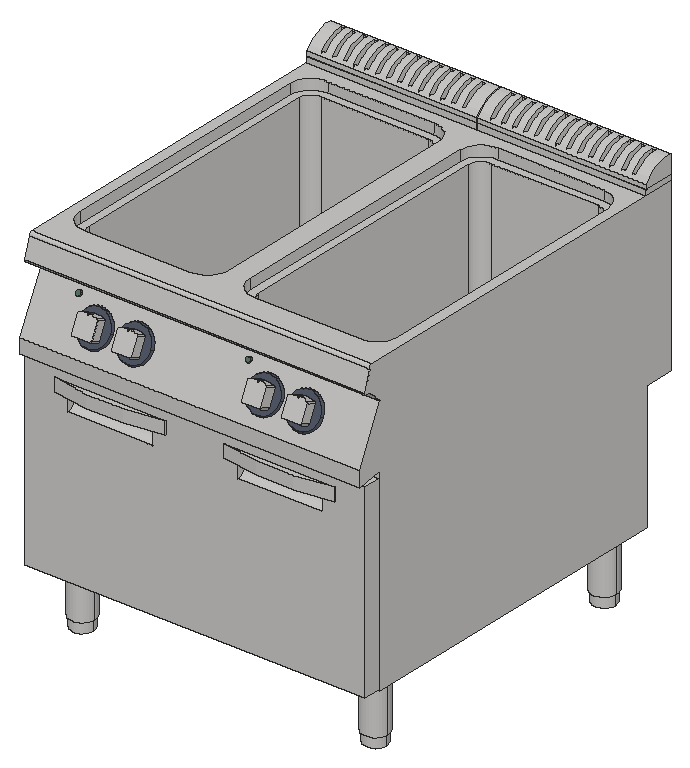
Revit family "QF_ZANUSSI_392127_Z9PCEH2MF0", category Specialty Equipment, Revit 2018 (continued)
Automatic sketch dimensions
  Extrusion 24 sketch curve to Extrusion 24 sketch curve = 35 mm
  Extrusion 25 sketch curve to plane 16 = 38.5 mm
  Extrusion 25 sketch curve to Extrusion 25 sketch curve = 2.997 mm  (x3)
  Extrusion 25 sketch curve to plane 16 = 15.5 mm
  plane 16 to Extrusion 25 sketch curve = 4.503 mm  (x2)
  Extrusion 25 sketch curve to Extrusion 25 sketch curve = 0 mm  (x2)
  Extrusion 25 sketch curve to Extrusion 25 sketch curve = 40.037 mm
  Extrusion 25 sketch curve to Extrusion 25 sketch curve = 5.399 mm
  Blend 26 sketch curve to plane 16 = 15.5 mm  (x2)
  Split face 1 sketch curve to Split face 1 sketch curve = 6 mm
  Split face 1 sketch curve to Split face 1 sketch curve = 30.402 mm
  Split face 1 sketch curve to Split face 1 sketch curve = 9.201 mm
  Split face 1 sketch curve to Split face 1 sketch curve = 2.43 mm
  Split face 1 sketch curve to Split face 1 sketch curve = 0.785 mm
  Extrusion 27 sketch curve to plane 17 = 64.5 mm
  Extrusion 27 sketch curve to Extrusion 27 sketch curve = 2.997 mm  (x3)
  Extrusion 27 sketch curve to Extrusion 27 sketch curve = 20.003 mm  (x2)
  Extrusion 27 sketch curve to Extrusion 27 sketch curve = 40.005 mm
  Extrusion 27 sketch curve to Extrusion 27 sketch curve = 5.399 mm
  Extrusion 27 sketch curve to Extrusion 27 sketch curve = 40.037 mm
  Extrusion 27 sketch curve to Extrusion 27 sketch curve = 0 mm  (x2)
  Extrusion 28 sketch curve to plane 22 = 5.671 mm
  Extrusion 28 sketch curve to plane 10 "TOP A" = 112.016 mm
  Extrusion 28 sketch curve to Extrusion 28 sketch curve = 3 mm
  Extrusion 28 sketch curve to Extrusion 28 sketch curve = 0 mm  (x2)
  Extrusion 28 sketch curve to Extrusion 28 sketch curve = 1 mm
  Extrusion 28 sketch curve to Extrusion 28 sketch curve = 15 mm
  Extrusion 29 sketch curve to plane 17 = 32.499 mm
  Extrusion 30 sketch curve to plane 17 = 70 mm
  Extrusion 30 sketch curve to Extrusion 30 sketch curve = 35 mm  (x2)
  plane 16 to Blend 31 sketch curve = 79.5 mm  (x2)
  Extrusion 32 sketch curve to plane 22 = 0 mm
  Extrusion 32 sketch curve to plane 22 = 2.091 mm
  Extrusion 32 sketch curve to Extrusion 32 sketch curve = 22 mm
  Extrusion 32 sketch curve to plane 9 "BASE" = 88 mm
  Extrusion 32 sketch curve to Extrusion 32 sketch curve = 26 mm
  Extrusion 33 sketch curve to plane 22 = 0 mm
  Extrusion 33 sketch curve to plane 7 "Center Y" = 69.727 mm
  plane 16 to Extrusion 33 sketch curve = 32 mm
  Extrusion 33 sketch curve to plane 17 = 4.727 mm
  plane 8 "Center X" to Extrusion 33 sketch curve = 151.997 mm
  Extrusion 33 sketch curve to plane 22 = 0.915 mm
  Extrusion 34 sketch curve to plane 22 = 0 mm
  Extrusion 34 sketch curve to plane 22 = 2.091 mm
  Extrusion 34 sketch curve to Extrusion 34 sketch curve = 22 mm
  Extrusion 34 sketch curve to plane 9 "BASE" = 88 mm
  Extrusion 34 sketch curve to Extrusion 34 sketch curve = 26 mm
  Extrusion 35 sketch curve to plane 22 = 0 mm
  plane 18 to Extrusion 35 sketch curve = 6.727 mm
  plane 19 to Extrusion 35 sketch curve = 32 mm
  plane 7 "Center Y" to Extrusion 35 sketch curve = 69.727 mm
  plane 8 "Center X" to Extrusion 35 sketch curve = 151.997 mm
  Extrusion 35 sketch curve to plane 22 = 0.915 mm
  Extrusion 36 sketch curve to plane 4 "RIGHT" = 0 mm
  Extrusion 36 sketch curve to plane 3 "LEFT" = 0 mm
  Extrusion 36 sketch curve to plane 14 = 0 mm  (x2)
  Extrusion 36 sketch curve to plane 4 "RIGHT" = 12.169 mm
  plane 7 "Center Y" to Extrusion 36 sketch curve = 2.13 mm
  Extrusion 36 sketch curve to plane 7 "Center Y" = 2.13 mm
  plane 3 "LEFT" to Extrusion 36 sketch curve = 12.169 mm
  Extrusion 36 sketch curve to Extrusion 36 sketch curve = 385.509 mm  (x2)
  Extrusion 37 sketch curve to plane 22 = 5.671 mm
  Extrusion 37 sketch curve to plane 10 "TOP A" = 112.016 mm
  Extrusion 37 sketch curve to Extrusion 37 sketch curve = 3 mm
  Extrusion 37 sketch curve to Extrusion 37 sketch curve = 0 mm
  Extrusion 37 sketch curve to Extrusion 37 sketch curve = 1 mm  (x2)
  Extrusion 37 sketch curve to Extrusion 37 sketch curve = 15 mm
  Extrusion 38 sketch curve to plane 19 = 33 mm
  plane 19 to Extrusion 38 sketch curve = 2 mm
  Extrusion 38 sketch curve to Extrusion 38 sketch curve = 35 mm
  Extrusion 39 sketch curve to plane 19 = 38.5 mm
  Extrusion 39 sketch curve to Extrusion 39 sketch curve = 2.997 mm  (x3)
  Extrusion 39 sketch curve to plane 19 = 15.5 mm
  plane 19 to Extrusion 39 sketch curve = 4.503 mm  (x2)
  Extrusion 39 sketch curve to Extrusion 39 sketch curve = 0 mm  (x2)
  Extrusion 39 sketch curve to Extrusion 39 sketch curve = 40.037 mm
  Extrusion 39 sketch curve to Extrusion 39 sketch curve = 5.399 mm
  Blend 40 sketch curve to plane 19 = 15.5 mm  (x2)
  Split face 7 sketch curve to Split face 7 sketch curve = 6 mm
  Split face 7 sketch curve to Split face 7 sketch curve = 30.402 mm
  Split face 7 sketch curve to Split face 7 sketch curve = 9.201 mm
  Split face 7 sketch curve to Split face 7 sketch curve = 2.43 mm
  Split face 7 sketch curve to Split face 7 sketch curve = 0.785 mm
  plane 19 to Extrusion 41 sketch curve = 102.5 mm
  Extrusion 41 sketch curve to Extrusion 41 sketch curve = 2.997 mm  (x3)
  Extrusion 41 sketch curve to Extrusion 41 sketch curve = 20.003 mm  (x2)
  Extrusion 41 sketch curve to Extrusion 41 sketch curve = 40.005 mm
  Extrusion 41 sketch curve to Extrusion 41 sketch curve = 5.399 mm
  Extrusion 41 sketch curve to Extrusion 41 sketch curve = 40.037 mm
  Extrusion 41 sketch curve to Extrusion 41 sketch curve = 0 mm  (x2)
  Extrusion 42 sketch curve to plane 22 = 5.671 mm
  Extrusion 42 sketch curve to plane 10 "TOP A" = 112.016 mm
  Extrusion 42 sketch curve to Extrusion 42 sketch curve = 3 mm
  Extrusion 42 sketch curve to Extrusion 42 sketch curve = 0 mm  (x2)
  Extrusion 42 sketch curve to Extrusion 42 sketch curve = 1 mm
  Extrusion 42 sketch curve to Extrusion 42 sketch curve = 15 mm
  plane 7 "Center Y" to Extrusion 43 sketch curve = 97.499 mm
  plane 19 to Extrusion 44 sketch curve = 97 mm
  Extrusion 44 sketch curve to Extrusion 44 sketch curve = 35 mm  (x2)
  plane 19 to Blend 45 sketch curve = 79.5 mm  (x2)
  curve 125 to curve 133 = 0 mm  (x2)
  curve 127 to curve 135 = 0 mm  (x2)
  curve 129 to curve 137 = 0 mm  (x2)
  curve 131 to curve 139 = 0 mm  (x2)
  curve 144 to curve 152 = 0 mm  (x2)
  curve 144 to curve 163 = 0 mm  (x2)
  curve 144 to curve 171 = 0 mm  (x2)
  curve 146 to curve 154 = 0 mm  (x2)
  curve 146 to curve 165 = 0 mm  (x2)
  curve 146 to curve 173 = 0 mm  (x2)
  curve 148 to curve 156 = 0 mm  (x2)
  curve 148 to curve 167 = 0 mm  (x2)
  curve 148 to curve 175 = 0 mm  (x2)
  curve 150 to curve 158 = 0 mm  (x2)
  curve 150 to curve 169 = 0 mm  (x2)
  curve 150 to curve 177 = 0 mm  (x2)
  curve 152 to curve 163 = 0 mm  (x2)
  curve 152 to curve 171 = 0 mm  (x2)
  curve 154 to curve 165 = 0 mm  (x2)
  curve 154 to curve 173 = 0 mm  (x2)
  curve 156 to curve 167 = 0 mm  (x2)
  curve 156 to curve 175 = 0 mm  (x2)
  curve 158 to curve 169 = 0 mm  (x2)
  curve 158 to curve 177 = 0 mm  (x2)
  curve 163 to curve 171 = 0 mm  (x2)
  curve 165 to curve 173 = 0 mm  (x2)
  curve 167 to curve 175 = 0 mm  (x2)
  curve 169 to curve 177 = 0 mm  (x2)
  curve 7 to plane 4 "RIGHT" = 0 mm
  curve 177 to plane 15 = 0 mm
  plane 13 to curve 177 = 0 mm
  plane 1 "BACK" to curve 9 = 0 mm
  curve 9 to plane 7 "Center Y" = 0 mm
  curve 4 to plane 7 "Center Y" = 0 mm
  plane 13 to curve 137 = 0 mm
  curve 4 to plane 3 "LEFT" = 0 mm
  plane 5 "FRONT" to curve 3 = 0 mm
  curve 143 to curve 152 = 20 mm
  curve 68 to plane 15 = 15.297 mm
  curve 69 to plane 15 = 6.001 mm
  plane 21 to curve 75 = 0.191 mm
  plane 18 to curve 73 = 1.487 mm
  plane 18 to curve 163 = 12 mm
  plane 18 to curve 150 = 12 mm
  plane 18 to curve 160 = 12 mm
  curve 72 to curve 76 = 16.193 mm
  curve 76 to curve 77 = 9.296 mm
  curve 76 to curve 83 = 16.193 mm
  curve 80 to curve 80 = 9.296 mm
  curve 80 to curve 87 = 16.193 mm
  curve 86 to curve 85 = 9.296 mm
  curve 91 to plane 19 = 9.855 mm
  curve 90 to plane 19 = 0.56 mm
  plane 1 "BACK" to curve 95 = 6.761 mm
  plane 19 to curve 95 = 15.633 mm
  curve 94 to curve 94 = 9.296 mm
  curve 92 to curve 99 = 16.193 mm
  curve 98 to curve 98 = 9.296 mm
  plane 1 "BACK" to curve 103 = 6.761 mm
  curve 97 to curve 103 = 16.193 mm
  curve 102 to curve 101 = 9.296 mm
  plane 1 "BACK" to curve 107 = 6.761 mm
  curve 101 to curve 107 = 16.193 mm
  curve 104 to curve 104 = 9.296 mm
  curve 104 to curve 108 = 16.193 mm
  curve 110 to curve 109 = 9.296 mm
  plane 1 "BACK" to curve 114 = 6.761 mm
  curve 109 to curve 114 = 16.193 mm
  curve 114 to curve 113 = 9.296 mm
  curve 145 to plane 12 = 24.11 mm
  curve 112 to curve 145 = 4.63 mm
  curve 175 to plane 13 = 30 mm
  plane 7 "Center Y" to curve 175 = 75 mm
  curve 161 to curve 161 = 30 mm
  curve 112 to curve 116 = 16.193 mm
  curve 118 to curve 118 = 9.296 mm
  plane 1 "BACK" to curve 123 = 6.761 mm
  curve 117 to curve 123 = 16.193 mm
  curve 122 to curve 122 = 9.296 mm
  curve 128 to plane 7 "Center Y" = 25 mm
  plane 1 "BACK" to curve 66 = 6.761 mm
  curve 66 to plane 7 "Center Y" = 29.653 mm
  curve 64 to curve 64 = 9.296 mm
  curve 127 to curve 136 = 20 mm
  plane 1 "BACK" to curve 61 = 6.761 mm
  curve 66 to curve 61 = 16.193 mm
  curve 60 to curve 63 = 9.296 mm
  curve 137 to curve 137 = 30 mm
  curve 142 to curve 142 = 30 mm
  curve 135 to curve 135 = 30 mm
  plane 1 "BACK" to curve 58 = 6.761 mm
  curve 62 to curve 58 = 16.193 mm
  curve 56 to curve 56 = 9.296 mm
  curve 56 to curve 53 = 16.193 mm
  curve 53 to curve 55 = 9.296 mm
  curve 52 to curve 49 = 16.193 mm
  curve 48 to curve 48 = 9.296 mm
  curve 46 to plane 16 = 10.905 mm
  curve 47 to plane 16 = 1.61 mm
  plane 1 "BACK" to curve 42 = 6.761 mm
  plane 16 to curve 42 = 14.583 mm
  curve 40 to curve 40 = 9.296 mm
  plane 1 "BACK" to curve 38 = 6.761 mm
  curve 42 to curve 38 = 16.193 mm
  curve 36 to curve 36 = 9.296 mm
  plane 1 "BACK" to curve 34 = 6.761 mm
  curve 38 to curve 34 = 16.193 mm
  curve 32 to curve 32 = 9.296 mm
  curve 32 to curve 28 = 16.193 mm
  curve 29 to curve 30 = 9.296 mm
  plane 1 "BACK" to curve 26 = 6.761 mm
  curve 30 to curve 26 = 16.193 mm
  curve 25 to curve 27 = 9.296 mm
  plane 1 "BACK" to curve 22 = 6.761 mm
  curve 26 to curve 22 = 16.193 mm
  curve 21 to curve 22 = 9.296 mm
  curve 126 to plane 17 = 10 mm
  curve 140 to plane 17 = 10 mm
  curve 138 to plane 17 = 10 mm
  plane 17 to curve 17 = 0.513 mm
  plane 20 to curve 16 = 0.191 mm
  curve 132 to plane 20 = 10 mm
  curve 12 to plane 20 = 16.001 mm
  curve 13 to curve 15 = 9.296 mm
  plane 1 "BACK" to curve 119 = 6.761 mm
  plane 1 "BACK" to curve 111 = 6.761 mm
  plane 1 "BACK" to curve 13 = 6.761 mm
  plane 1 "BACK" to curve 17 = 6.761 mm
  plane 1 "BACK" to curve 99 = 6.761 mm
  plane 1 "BACK" to curve 29 = 6.761 mm
  plane 1 "BACK" to curve 91 = 6.761 mm
  plane 1 "BACK" to curve 87 = 6.761 mm
  plane 1 "BACK" to curve 83 = 6.761 mm
  plane 1 "BACK" to curve 79 = 6.761 mm
  plane 1 "BACK" to curve 45 = 6.761 mm
  plane 1 "BACK" to curve 75 = 6.761 mm
  plane 1 "BACK" to curve 49 = 6.761 mm
  plane 1 "BACK" to curve 71 = 6.761 mm
  plane 1 "BACK" to curve 53 = 6.761 mm
  curve 61 to curve 61 = 57.15 mm
  curve 60 to curve 64 = 0 mm
  curve 57 to curve 60 = 0 mm
  curve 55 to curve 56 = 0 mm
  curve 68 to curve 144 = 37.979 mm
  curve 51 to curve 52 = 0 mm
  curve 72 to curve 68 = 0 mm
  curve 47 to curve 48 = 0 mm
  curve 76 to curve 72 = 0 mm
  curve 43 to curve 44 = 0 mm
  curve 80 to curve 76 = 0 mm
  curve 39 to curve 40 = 0 mm
  curve 84 to curve 80 = 0 mm
  curve 35 to curve 36 = 0 mm
  curve 88 to curve 84 = 0 mm
  curve 31 to curve 32 = 0 mm
  curve 92 to curve 88 = 0 mm
  curve 27 to curve 28 = 0 mm
  curve 96 to curve 92 = 0 mm
  curve 23 to curve 24 = 0 mm
  curve 100 to curve 96 = 0 mm
  curve 19 to curve 20 = 0 mm
  curve 104 to curve 100 = 0 mm
  curve 15 to curve 16 = 0 mm
  curve 108 to curve 104 = 0 mm
  curve 119 to curve 165 = 37.979 mm
  curve 116 to curve 112 = 0 mm
  curve 120 to curve 116 = 0 mm
  curve 120 to curve 4 = 7.979 mm
  curve 126 to plane 12 = 24.11 mm
  curve 142 to plane 8 "Center X" = 149.143 mm
  curve 142 to curve 161 = 0 mm
  plane 5 "FRONT" to curve 7 = 0.439 mm
  plane 7 "Center Y" to curve 10 = 69.989 mm
  curve 11 to plane 7 "Center Y" = 69.774 mm
  plane 5 "FRONT" to curve 6 = 1.377 mm
  plane 5 "FRONT" to curve 1 = 1.377 mm
  plane 14 to curve 11 = 167.324 mm
  curve 11 to curve 10 = 0.314 mm
  curve 213 to plane 3 "LEFT" = 0 mm
  curve 178 to plane 3 "LEFT" = 0 mm
  curve 182 to plane 22 = 0 mm
  plane 5 "FRONT" to curve 213 = 0 mm
  plane 5 "FRONT" to curve 211 = 0 mm
  plane 5 "FRONT" to curve 212 = 0 mm
  plane 5 "FRONT" to curve 246 = 0 mm
  plane 5 "FRONT" to curve 247 = 0 mm
  curve 178 to plane 4 "RIGHT" = 0 mm
  plane 3 "LEFT" to curve 248 = 12.169 mm
  plane 5 "FRONT" to curve 179 = 9.347 mm
  curve 179 to plane 17 = 64.525 mm
  curve 179 to curve 180 = 0.809 mm
  curve 183 to curve 183 = 1.583 mm
  curve 180 to curve 181 = 1.846 mm
  curve 180 to curve 194 = 2.189 mm
  curve 179 to curve 182 = 11.892 mm
  curve 186 to plane 22 = 5.671 mm
  curve 183 to curve 186 = 20.417 mm
  plane 16 to curve 184 = 80.344 mm
  curve 184 to curve 193 = 1.738 mm
  curve 185 to curve 186 = 2 mm
  curve 182 to curve 191 = 22.215 mm
  curve 186 to curve 194 = 19.003 mm
  curve 190 to curve 190 = 0.343 mm
  curve 190 to curve 192 = 1.071 mm
  curve 190 to curve 189 = 2.189 mm
  curve 189 to curve 188 = 0.809 mm
  plane 16 to curve 204 = 7.475 mm
  curve 205 to curve 205 = 0.809 mm
  curve 208 to curve 208 = 1.583 mm
  curve 205 to curve 206 = 1.846 mm
  curve 205 to curve 210 = 2.189 mm
  curve 207 to plane 16 = 4.417 mm
  curve 203 to plane 22 = 5.671 mm
  curve 203 to plane 16 = 14.525 mm
  curve 209 to plane 16 = 14.656 mm
  curve 209 to curve 200 = 1.738 mm
  curve 202 to curve 201 = 2 mm
  curve 207 to curve 198 = 22.215 mm
  curve 201 to curve 210 = 19.003 mm
  curve 197 to curve 197 = 0.343 mm
  curve 197 to curve 199 = 1.071 mm
  curve 197 to curve 196 = 2.189 mm
  curve 196 to curve 195 = 0.809 mm
  plane 5 "FRONT" to curve 214 = 9.347 mm
  plane 19 to curve 214 = 102.475 mm
  curve 215 to curve 215 = 0.809 mm
  curve 218 to curve 218 = 1.583 mm
  curve 215 to curve 216 = 1.846 mm
  curve 215 to curve 229 = 2.189 mm
  curve 214 to curve 217 = 11.892 mm
  curve 220 to plane 22 = 5.671 mm
  curve 218 to curve 220 = 20.417 mm
  plane 19 to curve 219 = 80.344 mm
  curve 219 to curve 228 = 1.738 mm
  curve 220 to curve 221 = 2 mm
  curve 217 to curve 226 = 22.215 mm
  curve 221 to curve 229 = 19.003 mm
  curve 225 to curve 225 = 0.343 mm
  curve 225 to curve 227 = 1.071 mm
  curve 225 to curve 224 = 2.189 mm
  curve 224 to curve 223 = 0.809 mm
  plane 19 to curve 239 = 7.475 mm
  curve 239 to curve 240 = 0.809 mm
  curve 243 to curve 243 = 1.583 mm
  curve 240 to curve 241 = 1.846 mm
  curve 240 to curve 245 = 2.189 mm
  curve 242 to plane 19 = 4.417 mm
  curve 237 to plane 22 = 5.671 mm
  curve 237 to plane 19 = 14.525 mm
  curve 244 to plane 19 = 14.656 mm
  curve 244 to curve 235 = 1.738 mm
  curve 237 to curve 237 = 2 mm
  curve 242 to curve 233 = 22.215 mm
  curve 236 to curve 245 = 19.003 mm
  curve 232 to curve 232 = 0.343 mm
  curve 232 to curve 234 = 1.071 mm
  curve 232 to curve 231 = 2.189 mm
  curve 231 to curve 230 = 0.809 mm
  curve 249 to plane 4 "RIGHT" = 12.169 mm
  plane 5 "FRONT" to curve 231 = 9.347 mm
  plane 5 "FRONT" to curve 188 = 9.347 mm
  plane 5 "FRONT" to curve 196 = 9.347 mm
  plane 5 "FRONT" to curve 224 = 9.347 mm
  curve 229 to curve 224 = 1.333 mm
  plane 5 "FRONT" to curve 210 = 10.68 mm
  curve 245 to curve 231 = 1.333 mm
  curve 194 to curve 189 = 1.333 mm
  curve 244 to curve 245 = 86.839 mm
  curve 200 to curve 210 = 86.839 mm
  curve 184 to curve 194 = 86.839 mm
  curve 244 to curve 235 = 0 mm
  curve 209 to curve 200 = 0 mm
  curve 219 to curve 229 = 86.839 mm
  curve 219 to curve 228 = 0 mm
  curve 184 to curve 193 = 0 mm
  curve 241 to curve 239 = 1.333 mm
  curve 206 to curve 205 = 1.333 mm
  curve 224 to curve 225 = 2.779 mm
  curve 240 to curve 241 = 2.779 mm
  curve 231 to curve 232 = 2.779 mm
  curve 189 to curve 190 = 2.779 mm
  curve 180 to curve 181 = 2.779 mm
  curve 196 to curve 197 = 2.779 mm
  curve 205 to curve 206 = 2.779 mm
  curve 215 to curve 216 = 2.779 mm
  curve 227 to plane 22 = 7.106 mm
  curve 192 to plane 22 = 7.106 mm
  curve 208 to plane 22 = 7.106 mm
  curve 234 to plane 22 = 7.106 mm
  curve 183 to plane 22 = 7.106 mm
  curve 218 to plane 22 = 7.106 mm
  curve 243 to plane 22 = 7.106 mm
  curve 199 to plane 22 = 7.106 mm
  plane 22 to curve 249 = 12.509 mm
  plane 22 to curve 248 = 12.509 mm
  plane 22 to curve 226 = 36.239 mm
  plane 22 to curve 233 = 36.239 mm
  curve 217 to curve 226 = 0 mm
  plane 22 to curve 198 = 36.239 mm
  curve 242 to curve 233 = 0 mm
  curve 207 to curve 198 = 0 mm
  plane 22 to curve 182 = 36.239 mm
  curve 182 to curve 191 = 0 mm
  curve 182 to curve 179 = 9.809 mm
  curve 183 to curve 183 = 0.284 mm
  curve 192 to curve 192 = 0.284 mm
  curve 188 to curve 191 = 9.809 mm
  curve 207 to curve 204 = 9.809 mm
  curve 209 to curve 208 = 0.284 mm
  curve 199 to curve 199 = 0.284 mm
  curve 195 to curve 198 = 9.809 mm
  curve 248 to plane 7 "Center Y" = 69.774 mm
  curve 248 to plane 7 "Center Y" = 3.112 mm
  plane 7 "Center Y" to curve 249 = 3.112 mm
  plane 7 "Center Y" to curve 249 = 69.989 mm
  curve 217 to curve 214 = 9.809 mm
  curve 219 to curve 218 = 0.284 mm
  curve 227 to curve 228 = 0.284 mm
  curve 223 to curve 226 = 9.809 mm
  curve 242 to curve 239 = 9.809 mm
  curve 243 to curve 243 = 0.284 mm
  curve 234 to curve 234 = 0.284 mm
  curve 230 to curve 233 = 9.809 mm
  plane 4 "RIGHT" to curve 247 = 0.05 mm
  curve 243 to curve 243 = 0.567 mm
  curve 234 to curve 234 = 0.567 mm
  curve 227 to curve 227 = 0.567 mm
  curve 199 to curve 199 = 0.567 mm
  curve 208 to curve 208 = 0.567 mm
  curve 192 to curve 192 = 0.567 mm
  curve 183 to curve 183 = 0.567 mm
  curve 218 to curve 218 = 0.567 mm
  radius of Extrusion 11 sketch curve = 12.7 mm
  radius of Extrusion 12 sketch curve = 6.35 mm
  radius of Extrusion 13 sketch curve = 9.525 mm
  radius of Extrusion 14 sketch curve = 12.7 mm
  radius of Blend 26 sketch curve = 42.5 mm
  radius of Blend 26 sketch curve = 40.5 mm
  radius of Extrusion 29 sketch curve = 6 mm
  radius of Blend 31 sketch curve = 42.5 mm
  radius of Blend 31 sketch curve = 40.5 mm
  radius of Split face 2 sketch curve = 1.5 mm
  radius of Split face 3 sketch curve = 1.5 mm
  radius of Split face 4 sketch curve = 1.5 mm
  radius of Split face 5 sketch curve = 1.5 mm
  radius of Split face 6 sketch curve = 1.5 mm
  radius of Blend 40 sketch curve = 42.5 mm
  radius of Blend 40 sketch curve = 40.5 mm
  radius of Extrusion 43 sketch curve = 6 mm
  radius of Blend 45 sketch curve = 42.5 mm
  radius of Blend 45 sketch curve = 40.5 mm
  radius of Split face 8 sketch curve = 1.5 mm
  radius of Split face 9 sketch curve = 1.5 mm
  radius of Split face 10 sketch curve = 1.5 mm
  radius of Split face 11 sketch curve = 1.5 mm
  radius of Split face 12 sketch curve = 1.5 mm
Connectors
  piping at (737, -700, 200), diameter 19
    settings: on Extrusion 13, index 1, connector inside diameter 0.74803", connector length 0 mm, flow factor 0, pipe flow 0 GPM, pressure drop 0.00 psi, fitting loss kfactor 0, connector angle 0.00°, fixture units 0, engagement length 0 mm, angle of deflection 0.00°, flow configuration 1, flow direction 1, fitting loss method 0, system type 20, joint type 0, gender type 0, connector reference index -1, connector utility 0, adjustable connector no, is connector primary yes, connector description "WATER INLET"
  piping at (632, -780, 176), diameter 25.4
    settings: on Extrusion 14, index 2, connector inside diameter 1", connector length 0 mm, flow factor 0, pipe flow 0 GPM, pressure drop 0.00 psi, fitting loss kfactor 0, connector angle 0.00°, fixture units 0, engagement length 0 mm, angle of deflection 0.00°, flow configuration 1, flow direction 2, fitting loss method 0, system type 16, joint type 0, gender type 0, connector reference index -1, connector utility 0, adjustable connector no, is connector primary no, connector description "DRAIN"
  piping at (232, -780, 176), diameter 25.4
    settings: on Extrusion 11, index 3, connector inside diameter 1", connector length 0 mm, flow factor 0, pipe flow 0 GPM, pressure drop 0.00 psi, fitting loss kfactor 0, connector angle 0.00°, fixture units 0, engagement length 0 mm, angle of deflection 0.00°, flow configuration 1, flow direction 2, fitting loss method 0, system type 16, joint type 0, gender type 0, connector reference index -1, connector utility 0, adjustable connector no, is connector primary no, connector description "DRAIN"
  electrical at (599, -570, 140), driven by "Volts", driven by "Watts"
    settings: on Extrusion 12, index 4, voltage 400 V, apparent load 20000 VA, apparent load phase1 0 VA, apparent load phase2 0 VA, apparent load phase3 0 VA, power factor 1, load classification "Other", number of poles 1, system type 30, power factor state 1, is connector primary yes, connector utility no, sub classification motor no, connector description "ELECTRICAL CONNECTION"
